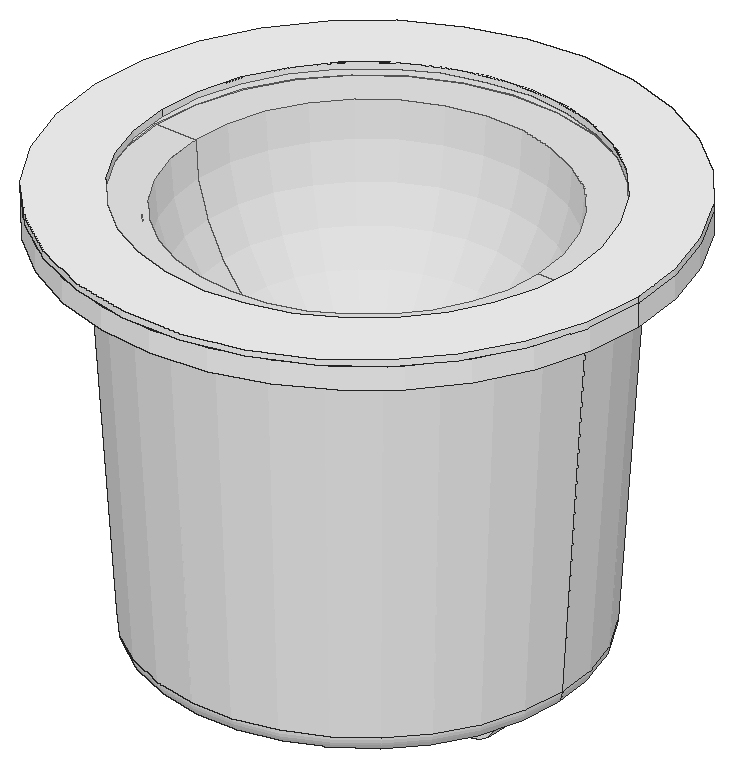
Revit family "2058897 Feilo Sylvania Lighting Fixture MYRD IP FL 3K DALI BLK WBEZ", category Lighting Fixtures, host Face, Revit 2017
Family settings
  Host = Face
  Round Connector Dimension = Use Diameter
  Part Type = Normal
  OmniClass Number = 23.80.70.11.17
  OmniClass Title = Specialized Lighting by Location or Use
  Cut with Voids When Loaded = No
  Light Source = Yes
  Shared = No
  Room Calculation Point = No
Parameters
  Weight = "0.44 kg"
  Wattage = 10 W
  WarrantyStartDate [instance] = "n/a"
  WarrantyGuarantorParts = "n/a"
  WarrantyDurationUnit = "n/a"
  WarrantyDurationParts = "n/a"
  WarrantyDescription = "n/a"
  built-in parameter 1150110 = 1 (stored number, unit not read)
  Voltage = 230 V
  URL = "http://www.sylvania-lighting.com"
  TypeName = "MYRD IP FL 3K DALI BLK WBEZ"
  Type Image = 0
  Type Comments = ""
  built-in parameter 1114217 = 1 (stored number, unit not read)
  Tilt Angle = -90°
  built-in parameter 1150109 = 1 (stored number, unit not read)
  built-in parameter 1150134 = (empty or 0)
  built-in parameter 1150113 = 1 (stored number, unit not read)
  SerialNumber [instance] = "n/a"
  Reflector Radius = Cutout Diameter / 2 - 2.5 mm  # 35.0 mm
  Reflector Material = Aluminum_Sylvania_Myriad_Bright
  Recessed Depth = Height  # 72.0 mm
  PowerFactor = 0
  PowerConsumption = "10 W"
  Photometric Web File = "2058897.ies"
  NominalWidth = 0.0 mm
  NominalLength = 76.0 mm
  NominalHeight = 72.0 mm
  Name = "MYRD IP FL 3K DALI BLK WBEZ"
  ModelReference = "MYRD IP FL 3K DALI BLK WBEZ"
  ModelNumber = "2058897"
  Material = "Aluminium"
  ManufacturerName = "Feilo Sylvania"
  LuminousEfficacy = "99 lm/W"
  LuminaireType = "Ceiling recessed"
  LightOutputRatio = "1"
  LampsType = Lamp  # "LED"
  LampNominalLuminous = "988 lm"
  LampMacAdamStep = "n/a"
  LampColourTemperature = "3000 K"
  LampColourRenderingIndex = "n/a"
  Keynote = "16500"
  Keynote_2 = "16500"
  InstallationDate [instance] = "n/a"
  InputVoltage = "230-240V~"
  InputNominalFrequency = "50/60 Hz"
  IngressProtection = "IP65"
  ImpactProtectionIndex = "IK02"
  IfcExportType = "IfcLightFixtureType"
  IfcExportAs = "IfcLightFixtureType"
  Height = 72.0 mm  # constant formula
  ExpectedLife = 50000
  Emit from Circle Diameter = Accessory Inner Diameter 2  # 68.0 mm
  Emit Shape Visible in Rendering = no
  ElectricShockClassification = "Class II"
  DurationUnit = "hours"
  DocumentationLiterature = "http://www.sylvania-lighting.com/product/en-int/products/2058897"
  DimmingControlOptions = "Dimmable"
  Diffuser Material = Glass_Sylvania_Myriad_Clear_4000K
  Diffuser Diameter = Cutout Diameter  # 75.0 mm
  Cutout Diameter = 75.0 mm  # constant formula
  CreatedOn = "03-11-2017"
  CreatedBy = ""
  Cost = 0
  built-in parameter 1114216 [instance] = 1 (stored number, unit not read)
  Model = "MYRD IP FL 3K DALI BLK WBEZ"
  Manufacturer = "Feilo Sylvania"  # constant formula
  built-in parameter 1150105 = 78.782 (stored number, unit not read)
  Lumens = 990 lm
  built-in parameter 1150115 = 1 (stored number, unit not read)
  built-in parameter 1150137 = (empty or 0)
  built-in parameter 1150139 = (empty or 0)
  built-in parameter 1150112 = 1 (stored number, unit not read)
  built-in parameter 1150114 = 1 (stored number, unit not read)
  Lamp = "LED"
  built-in parameter 1150132 = (empty or 0)
  built-in parameter 1150102 = (empty or 0)
  built-in parameter 1150107 = 3000 (stored number, unit not read)
  built-in parameter 1150138 = (empty or 0)
  built-in parameter 1150106 = 0.78782 (stored number, unit not read)
  built-in parameter 1150104 = 9.1974 (stored number, unit not read)
  Dimming Lamp Color Temperature Shift = (empty or 0)
  Description = "Supplied complete with electronic control gear Compact Fluorescent low energy downlight Emergency version passes through the cut out Ideal for low level orientation lighting New range of Architectural accessories each providing a different lit dimension New completely flush plaster up accessory ring for clean ceiling lines and smooth finish Order lamp separately"  # constant formula
  Default Elevation = 0.0 mm
  Color Filter = 16777215
  built-in parameter 1140040 [instance] = 1
  Body Radius = Reflector Radius + 1.5 mm  # 36.5 mm
  Body Material = Aluminum_Sylvania_Myriad_Gray
  BarCode [instance] = "n/a"
  built-in parameter 1114218 = 1 (stored number, unit not read)
  built-in parameter 1150133 = 10 (stored number, unit not read)
  AssetType = "Fixed"
  AssetIdentifier [instance] = "n/a"
  Assembly Code = "D5020200"
  Apparent Load = 10 VA
  Accessory Material = Aluminum_Sylvania_Myriad_White
  Accessory Inner Diameter 2 = Accessory Diameter - 22.0 mm  # 68.0 mm
  Accessory Inner Diameter 1 = Accessory Diameter - 2.0 mm  # 88.0 mm
  Accessory Diameter = Cutout Diameter + 15.0 mm  # 90.0 mm
Reference planes
  plane 1 "Center (Front/Back)": y = 0
  plane 2: z = 0
  plane 3 "Center (Left/Right)": x = 0
  plane 4: z = 2
  plane 5 "Fixture Bottom": z = 4.5
  plane 6: z = -28.5
  plane 7: z = -61.5
  plane 8 "Fixture Top": z = -67.5
  plane 9: z = 3.5
Forms (mm)
  Revolve 1, solid, material "Aluminum_Sylvania_Myriad_Bright" <- "Reflector Material", detail levels fine
    sketch origin (0, 0, 0) x (1, 0, 0) y (0, 0, 1)
      loop
        line (0, -27.515) -> (-6, -27.515)
        arc (-6, -27.515) -> (-22.333, -16.632) -> (-28.5, 2) r 30.135
        line (-28.5, 2) -> (-35, 2) -> (-35, 0) -> (-29.184, 0)
        arc (-29.184, 0) -> (-22.423, -18.18) -> (-6, -28.5) r 30.204
        line (-6, -28.5) -> (0, -28.5) -> (0, -27.515)
      axis (0, -28.5) -> (0, 2)
    angle from 0 to 360
  Revolve 2, solid, material "Aluminum_Sylvania_Myriad_Gray" <- "Body Material", detail levels fine
    sketch origin (0, 0, 0) x (1, 0, 0) y (0, 0, 1)
      loop
        line (-44, 2) -> (-44, 0) -> (-36.5, 0) -> (-32.42, -58.708)
        arc (-32.42, -58.708) -> (-31.474, -60.694) -> (-29.428, -61.5) r 3
        line (-29.428, -61.5) -> (0, -61.5) -> (0, -28.5) -> (-6, -28.5)
        arc (-6, -28.5) -> (-22.423, -18.18) -> (-29.184, 0) r 30.204
        line (-29.184, 0) -> (-35, 0) -> (-35, 2) -> (-44, 2)
      axis (0, 2) -> (0, -61.5)
    angle from 0 to 360
  Extrusion 3, solid, material "Aluminum_Sylvania_Myriad_Gray" <- "Body Material", detail levels fine
    sketch origin (0, 0, 0) x (1, 0, 0) y (0, 0, 1)
      loop
        line (-13.5, -67.5) -> (21, -67.5)
        arc (21, -67.5) -> (23.828, -66.328) -> (25, -63.5) r 4
        line (25, -63.5) -> (25, -61.5) -> (-17.5, -61.5) -> (-17.5, -63.5)
        arc (-17.5, -63.5) -> (-16.328, -66.328) -> (-13.5, -67.5) r 4
    from -4.5 to 4.5
  Extrusion 4, solid, material "Aluminum_Sylvania_Myriad_White" <- "Accessory Material", detail levels fine
    sketch origin (0, 0, 0) x (1, 0, 0) y (0, 1, 0)
      loop
        circle (0, 0) r 45
      loop
        circle (0, 0) r 44
    from 0 to 3.5
  Extrusion 5, solid, material "Aluminum_Sylvania_Myriad_White" <- "Accessory Material", detail levels fine
    sketch origin (0, 0, 0) x (1, 0, 0) y (0, 1, 0)
      loop
        circle (0, 0) r 45
      loop
        circle (0, 0) r 34
    from 3.5 to 4.5
  Extrusion 6, solid, material "Aluminum_Sylvania_Myriad_White" <- "Accessory Material", detail levels coarse+medium
    sketch origin (0, 0, 0) x (1, 0, 0) y (0, 1, 0)
      loop
        circle (0, 0) r 45
    from 0 to 4.5
  Revolve 7, solid, detail levels coarse+medium
    sketch origin (0, 0, 0) x (1, 0, 0) y (0, 0, 1)
      loop
        line (36.5, 0) -> (0, 0) -> (0, -61.5) -> (32.226, -61.5) -> (36.5, 0)
      axis (0, 0) -> (0, -61.5)
    angle from 0 to 360
  Extrusion 8, void
    sketch origin (0, 0, 0) x (1, 0, 0) y (0, 1, 0)
      loop
        circle (0, 0) r 37.5
    from -67.5 to 0
  Extrusion 9, solid, material "Glass_Sylvania_Myriad_Clear_4000K" <- "Diffuser Material", detail levels fine
    sketch origin (0, 0, 0) x (1, 0, 0) y (0, 1, 0)
      loop
        circle (0, 0) r 37.5
    from 2 to 3.5
Cuts and joins
  joined: Extrusion 4, Extrusion 5
Lines and regions (mm)
  Masking region 1
    outline origin (0, 0, 0) x (1, 0, 0) y (0, 1, 0)
      loop
        circle (0, 0) r 45
  symbolic lines
    curve 1: arc (-34, 0, 0) -> (0, 34, 0) -> (34, 0, 0) r 34
    curve 2: arc (34, 0, 0) -> (0, -34, 0) -> (-34, 0, 0) r 34
Dimensions and locks
  locked: plane 7 to plane 8 "Fixture Top" at 6
  "Body Radius": Revolve 7 sketch curve to plane 3 "Center (Left/Right)"
  locked: Revolve 7 sketch curve to Revolve 7 sketch curve at 4.274
  plane 5 "Fixture Bottom" to plane 9 to plane 4 to plane 2 to plane 6 = 1.0 mm locked, 1.5 mm locked, 2.0 mm locked, 28.5 mm locked
  "Reflector Radius": Revolve 1 sketch curve to plane 3 "Center (Left/Right)"
  Revolve 1 sketch curve to Revolve 1 sketch curve to Revolve 1 sketch curve to Revolve 1 sketch curve = 6.5 mm locked, 22.5 mm locked, 0.0 mm locked
  "Reflector Radius": plane 3 "Center (Left/Right)" to Revolve 2 sketch curve
  Revolve 2 sketch curve to Revolve 2 sketch curve to Revolve 2 sketch curve = 7.5 mm locked, 1.5 mm locked
  Revolve 2 sketch curve to Revolve 2 sketch curve to Revolve 2 sketch curve = 5.816 mm locked, 23.184 mm locked
  Revolve 2 sketch curve to Revolve 2 sketch curve to Revolve 2 sketch curve = 2.58 mm locked, 2.993 mm locked
  "Accessory Diameter": diameter of Extrusion 4 sketch curve
  "Accessory Inner Diameter 1": diameter of Extrusion 4 sketch curve
  "Accessory Diameter": diameter of Extrusion 5 sketch curve
  "Accessory Diameter": diameter of Extrusion 6 sketch curve
  "Cutout Diameter": diameter of Extrusion 8 sketch curve
  "Accessory Inner Diameter 2": diameter of Extrusion 5 sketch curve
  "Diffuser Diameter": diameter of Extrusion 9 sketch curve
  aligned and locked: plane 2 to host face
  aligned and locked: level to host face
  aligned and locked: plane 1 "Center (Front/Back)" to imposter light
  aligned and locked: plane 3 "Center (Left/Right)" to imposter light
  aligned and locked: Revolve 1 sketch curve to imposter light
  aligned and locked: Extrusion 3 sketch curve to plane 8 "Fixture Top"
  aligned and locked: plane 7 to Extrusion 3 sketch curve
  aligned and locked: Extrusion 4 to plane 2
  aligned and locked: plane 9 to Extrusion 4
  aligned and locked: Extrusion 5 to plane 9
  aligned and locked: plane 5 "Fixture Bottom" to Extrusion 5
  aligned and locked: Extrusion 6 to plane 2
  aligned and locked: plane 5 "Fixture Bottom" to Extrusion 6
  aligned and locked: Extrusion 8 to plane 8 "Fixture Top"
  aligned and locked: plane 2 to Extrusion 8
  aligned and locked: Masking region 1 sketch curve to Extrusion 6  (x2)
  aligned and locked: Extrusion 9 to plane 4
  aligned and locked: plane 9 to Extrusion 9
  aligned and locked: plane 4 to Revolve 2 sketch curve
  aligned and locked: Revolve 2 sketch curve to plane 2
  aligned and locked: curve 1 to cut or joined group of Extrusion 4, Extrusion 5
  aligned and locked: curve 2 to cut or joined group of Extrusion 4, Extrusion 5
  aligned and locked: imposter light to plane 5 "Fixture Bottom"
Automatic sketch dimensions
  host sketch curve to host sketch curve = 1305.563 mm
  host sketch curve to host sketch curve = 1283.632 mm
  Extrusion 3 sketch curve to plane 7 = 2.0 mm
  Extrusion 3 sketch curve to plane 3 "Center (Left/Right)" = 13.5 mm
  plane 3 "Center (Left/Right)" to Extrusion 3 sketch curve = 21.0 mm
  Extrusion 3 sketch curve to Extrusion 3 sketch curve = 4.0 mm
  Revolve 1 sketch curve to level = 0.0 mm
  Revolve 1 sketch curve to plane 3 "Center (Left/Right)" = 0.0 mm
  Revolve 1 sketch curve to plane 6 = 0.0 mm
  Revolve 1 sketch curve to plane 4 = 0.0 mm
  Revolve 1 sketch curve to Revolve 1 sketch curve = 0.684 mm
  level to Revolve 1 sketch curve = 0.88 mm
  Revolve 1 sketch curve to plane 4 = 0.363 mm
  Revolve 1 sketch curve to Revolve 1 sketch curve = 0.625 mm
  Revolve 1 sketch curve to plane 8 "Fixture Top" = 232.8 mm
  plane 5 "Fixture Bottom" to Revolve 1 sketch curve = 291.243 mm
  Revolve 2 sketch curve to plane 3 "Center (Left/Right)" = 0.0 mm  (x2)
  Revolve 2 sketch curve to plane 7 = 0.0 mm
  Revolve 2 sketch curve to plane 6 = 0.0 mm
  Revolve 2 sketch curve to level = 0.0 mm
  level to Revolve 2 sketch curve = 0.88 mm
  plane 7 to Revolve 2 sketch curve = 2.792 mm
  Revolve 2 sketch curve to plane 8 "Fixture Top" = 304.774 mm
  plane 5 "Fixture Bottom" to Revolve 2 sketch curve = 1137.105 mm
  Extrusion 4 sketch curve to Extrusion 4 sketch curve = 0.0 mm  (x2)
  plane 1 "Center (Front/Back)" to Extrusion 4 sketch curve = 0.0 mm
  Extrusion 4 sketch curve to plane 3 "Center (Left/Right)" = 0.0 mm
  Extrusion 5 sketch curve to Extrusion 5 sketch curve = 0.0 mm  (x2)
  plane 1 "Center (Front/Back)" to Extrusion 5 sketch curve = 0.0 mm
  Extrusion 5 sketch curve to plane 3 "Center (Left/Right)" = 0.0 mm
  plane 1 "Center (Front/Back)" to Extrusion 6 sketch curve = 0.0 mm
  Extrusion 6 sketch curve to plane 3 "Center (Left/Right)" = 0.0 mm
  Revolve 7 sketch curve to level = 0.0 mm
  Revolve 7 sketch curve to plane 3 "Center (Left/Right)" = 0.0 mm  (x2)
  Revolve 7 sketch curve to plane 7 = 0.0 mm
  Revolve 7 sketch curve to plane 8 "Fixture Top" = 304.774 mm
  plane 5 "Fixture Bottom" to Revolve 7 sketch curve = 43.226 mm
  plane 1 "Center (Front/Back)" to Extrusion 8 sketch curve = 0.0 mm
  Extrusion 8 sketch curve to plane 3 "Center (Left/Right)" = 0.0 mm
  plane 1 "Center (Front/Back)" to Extrusion 9 sketch curve = 0.0 mm
  Extrusion 9 sketch curve to plane 3 "Center (Left/Right)" = 0.0 mm
Connectors
  electrical at (-0.006, -0.019, -67.5), driven by "Apparent Load", driven by "Apparent Load"
    settings: on plane 8 "Fixture Top", index 1, voltage 230 V, apparent load 10 VA, apparent load phase1 10 VA, apparent load phase2 0 VA, apparent load phase3 0 VA, power factor 1, load classification "Lighting", number of poles 1, system type 30, power factor state 1, is connector primary yes, connector utility no, sub classification motor no, connector description ""
